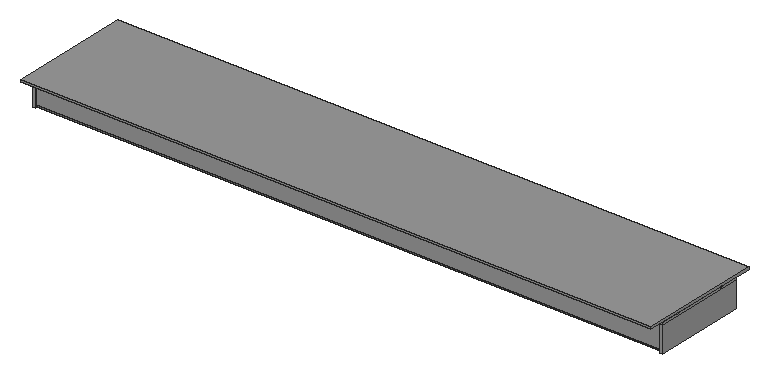
Revit family "Berica 2.2 M", category Lighting Fixtures, Revit 2020 (continued)
Definition of nested family "Light Source Berica 2.2"
  Types (4, lengths in mm): name | Photometric Web File | built-in parameter 1150142
      27.17 326.46 326.58 326.46 327.17 328.13 329.44 \r\n330.51 331.51 332.84 332.92 333.62 334.32 335.11 335.68 \r\n336.25 337.39 337.92 338.76 339.18 339.87 340.51 341.18 \r\n341.73 343.00 343.40 344.29 346.71 351.29 355.44 359.79 \r\n364.16 368.37 372.92 376.47 380.44 383.32 386.22 388.79 \r\n391.47 393.90 395.85 397.59 398.62 399.17 399.99 400.73 \r\n401.67 402.60 403.60 404.94 406.54 408.55 410.64 413.40 \r\n416.25 419.82 423.38 427.73 432.72 437.85 443.84 449.92 \r\n453.49 461.03 469.78 478.76 488.27 499.11 511.01 522.87 \r\n535.22 549.75 564.80 582.18 598.81 618.65 636.43 659.33 \r\n680.39 706.03 729.91 755.60 783.76 812.83 842.76 872.53 \r\n906.68 938.09 976.85 1014.47 1055.06 1098.39 \r\n1098.39 1043.77 1005.84 964.80 927.41 891.65 857.21 \r\n825.51 793.78 764.46 736.91 710.90 685.12 662.76 637.40 \r\n618.50 599.50 580.10 563.49 547.84 533.07 519.98 507.86 \r\n496.26 485.91 475.80 466.72 458.82 451.16 444.26 441.76 \r\n436.33 431.76 426.94 423.60 420.29 417.21 414.64 412.55 \r\n411.04 409.91 408.89 408.22 407.80 407.39 407.09 406.83 \r\n407.39 407.36 406.35 404.73 403.03 400.30 398.09 395.67 \r\n393.43 390.55 387.28 383.55 380.20 376.18 372.12 368.37 \r\n364.00 361.51 360.33 360.65 359.91 360.18 359.69 360.03 \r\n360.13 359.67 359.67 359.52 359.46 359.28 358.92 358.34 \r\n358.53 357.21 357.58 356.91 356.58 356.39 355.60 354.93 \r\n353.65 353.07 352.12 352.81 352.12 353.07 353.65 354.93 \r\n355.60 356.39 356.58 356.91 357.58 357.21 358.53 358.34 \r\n358.92 359.28 359.46 359.52 359.67 359.67 360.13 360.03 \r\n359.69 360.18 359.91 360.65 360.33 361.51 364.00 368.37 \r\n372.12 376.18 380.20 383.55 387.28 390.55 393.43 395.67 \r\n398.09 400.30 403.03 404.73 406.35 407.36 407.39 406.83 \r\n407.09 407.39 407.80 408.22 408.89 409.91 411.04 412.55 \r\n414.64 417.21 420.29 423.60 426.94 431.76 436.33 441.76 \r\n444.26 451.16 458.82 466.72 475.80 485.91 496.26 507.86 \r\n519.98 533.07 547.84 563.49 580.10 599.50 618.50 637.40 \r\n662.76 685.12 710.90 736.91 764.46 793.78 825.51 857.21 \r\n891.65 927.41 964.80 1005.84 1043.77 1098.39 \r\n1098.39 1046.99 1002.74 959.15 922.64 885.39 850.82 \r\n818.85 783.91 755.19 725.73 699.93 673.09 649.57 627.60 \r\n606.62 586.88 569.81 552.94 537.50 523.16 511.34 499.37 \r\n488.36 478.60 469.48 461.43 453.14 447.00 440.59 439.19 \r\n434.31 430.46 426.93 423.83 421.25 419.29 417.64 416.52 \r\n415.74 415.35 415.21 415.19 415.25 415.30 416.39 418.08 \r\n417.83 417.05 415.49 413.66 411.25 409.20 407.55 405.78 \r\n403.10 400.40 396.98 393.52 389.69 386.26 383.02 378.99 \r\n377.52 377.61 378.33 378.89 378.98 379.82 380.15 380.27 \r\n381.17 381.70 381.40 381.81 381.60 382.12 381.50 381.75 \r\n381.38 380.99 381.02 381.06 380.85 381.03 380.15 379.48 \r\n378.55 378.14 377.66 377.58 377.66 378.14 378.55 379.48 \r\n380.15 381.03 380.85 381.06 381.02 380.99 381.38 381.75 \r\n381.50 382.12 381.60 381.81 381.40 381.70 381.17 380.27 \r\n380.15 379.82 378.98 378.89 378.33 377.61 377.52 378.99 \r\n383.02 386.26 389.69 393.52 396.98 400.40 403.10 405.78 \r\n407.55 409.20 411.25 413.66 415.49 417.05 417.83 418.08 \r\n416.39 415.30 415.25 415.19 415.21 415.35 415.74 416.52 \r\n417.64 419.29 421.25 423.83 426.93 430.46 434.31 439.19 \r\n440.59 447.00 453.14 461.43 469.48 478.60 488.36 499.37 \r\n511.34 523.16 537.50 552.94 569.81 586.88 606.62 627.60 \r\n649.57 673.09 699.93 725.73 755.19 783.91 818.85 850.82 \r\n885.39 922.64 959.15 1002.74 1046.99 1098.39 \r\n1098.39 1046.49 999.51 955.38 915.64 878.31 841.49 808.11 \r\n774.08 744.68 713.52 686.89 661.88 637.95 615.31 595.07 \r\n576.22 559.25 543.52 528.43 515.38 502.90 491.96 481.46 \r\n472.12 463.61 455.80 449.03 443.36 437.83 436.52 432.42 \r\n429.10 426.27 424.04 422.25 420.99 420.20 419.77 419.80 \r\n420.00 420.38 420.83 421.19 423.96 425.70 425.60 425.03 \r\n424.05 422.04 420.39 419.09 418.25 416.40 413.95 411.15 \r\n408.07 405.05 401.94 398.95 395.55 392.69 391.37 392.87 \r\n393.85 394.54 395.42 396.06 397.40 397.83 399.40 399.48 \r\n400.08 400.26 400.94 401.27 401.47 401.78 401.85 401.70 \r\n401.81 401.77 401.61 402.00 401.20 400.85 400.29 399.22 \r\n398.68 398.63 398.18 398.63 398.68 399.22 400.29 400.85 \r\n401.20 402.00 401.61 401.77 401.81 401.70 401.85 401.78 \r\n401.47 401.27 400.94 400.26 400.08 399.48 399.40 397.83 \r\n397.40 396.06 395.42 394.54 393.85 392.87 391.37 392.69 \r\n395.55 398.95 401.94 405.05 408.07 411.15 413.95 416.40 \r\n418.25 419.09 420.39 422.04 424.05 425.03 425.60 425.70 \r\n423.96 421.19 420.83 420.38 420.00 419.80 419.77 420.20 \r\n420.99 422.25 424.04 426.27 429.10 432.42 436.52 437.83 \r\n443.36 449.03 455.80 463.61 472.12 481.46 491.96 502.90 \r\n515.38 528.43 543.52 559.25 576.22 595.07 615.31 637.95 \r\n661.88 686.89 713.52 744.68 774.08 808.11 841.49 878.31 \r\n915.64 955.38 999.51 1046.49 1098.39 \r\n1098.39 1047.03 996.55 952.68 913.26 872.24 835.83 801.41 \r\n768.49 736.26 708.16 679.10 653.86 629.35 607.75 586.97 \r\n567.38 550.97 535.03 521.90 508.12 496.60 486.43 476.48 \r\n467.55 459.73 452.63 446.39 440.97 436.05 435.00 431.58 \r\n428.71 426.58 424.82 423.65 423.11 423.14 423.40 423.85 \r\n424.50 425.20 425.77 429.23 431.64 432.13 431.85 431.41 \r\n429.87 428.55 427.62 427.24 425.88 423.55 421.06 418.63 \r\n415.67 412.99 410.17 407.58 404.44 403.77 405.23 406.50 \r\n407.94 409.16 410.48 411.90 413.29 414.09 414.46 415.55 \r\n416.21 416.85 417.69 418.10 418.23 418.56 419.30 418.71 \r\n418.99 419.31 419.30 419.13 418.65 417.96 417.10 416.16 \r\n415.74 415.31 415.28 415.31 415.74 416.16 417.10 417.96 \r\n418.65 419.13 419.30 419.31 418.99 418.71 419.30 418.56 \r\n418.23 418.10 417.69 416.85 416.21 415.55 414.46 414.09 \r\n413.29 411.90 410.48 409.16 407.94 406.50 405.23 403.77 \r\n404.44 407.58 410.17 412.99 415.67 418.63 421.06 423.55 \r\n425.88 427.24 427.62 428.55 429.87 431.41 431.85 432.13 \r\n431.64 429.23 425.77 425.20 424.50 423.85 423.40 423.14 \r\n423.11 423.65 424.82 426.58 428.71 431.58 435.00 436.05 \r\n440.97 446.39 452.63 459.73 467.55 476.48 486.43 496.60 \r\n508.12 521.90 535.03 550.97 567.38 586.97 607.75 629.35 \r\n653.86 679.10 708.16 736.26 768.49 801.41 835.83 872.24 \r\n913.26 952.68 996.55 1047.03 1098.39 \r\n1098.39 1045.49 994.05 949.51 906.03 868.40 830.18 794.50 \r\n760.94 729.29 700.11 672.03 647.14 623.76 600.21 580.17 \r\n561.96 544.87 529.36 515.69 503.79 491.74 481.90 472.24 \r\n463.96 456.29 450.08 444.66 439.35 435.08 433.37 430.63 \r\n428.44 426.82 425.76 425.29 425.20 425.58 426.27 426.93 \r\n427.85 428.60 432.05 434.72 435.99 436.64 436.97 436.04 \r\n435.30 434.77 434.56 433.48 431.67 429.46 427.05 424.69 \r\n422.21 419.86 417.31 414.63 413.19 414.56 416.30 418.20 \r\n420.03 420.97 423.30 424.25 425.74 426.97 427.81 429.08 \r\n429.88 431.07 431.13 432.23 432.81 432.69 432.80 433.13 \r\n433.10 433.27 433.19 433.22 432.51 431.63 430.45 429.95 \r\n428.83 429.28 429.22 429.28 428.83 429.95 430.45 431.63 \r\n432.51 433.22 433.19 433.27 433.10 433.13 432.80 432.69 \r\n432.81 432.23 431.13 431.07 429.88 429.08 427.81 426.97 \r\n425.74 424.25 423.30 420.97 420.03 418.20 416.30 414.56 \r\n413.19 414.63 417.31 419.86 422.21 424.69 427.05 429.46 \r\n431.67 433.48 434.56 434.77 435.30 436.04 436.97 436.64 \r\n435.99 434.72 432.05 428.60 427.85 426.93 426.27 425.58 \r\n425.20 425.29 425.76 426.82 428.44 430.63 433.37 435.08 \r\n439.35 444.66 450.08 456.29 463.96 472.24 481.90 491.74 \r\n503.79 515.69 529.36 544.87 561.96 580.17 600.21 623.76 \r\n647.14 672.03 700.11 729.29 760.94 794.50 830.18 868.40 \r\n906.03 949.51 994.05 1045.49 1098.39 \r\n1098.39 1039.27 991.10 947.10 902.90 864.03 825.16 788.42 \r\n755.16 722.60 693.23 666.38 640.01 617.07 595.11 573.24 \r\n555.91 538.32 524.76 510.72 498.06 487.56 477.23 468.47 \r\n459.98 453.30 446.89 441.80 436.85 433.00 430.41 427.95 \r\n426.05 424.84 424.16 424.04 424.43 425.14 426.09 427.06 \r\n428.00 429.21 433.52 435.40 436.87 438.81 438.93 438.44 \r\n438.26 437.97 437.65 436.58 434.84 432.83 430.52 428.33 \r\n425.86 423.77 421.25 419.03 419.37 421.87 423.48 425.36 \r\n426.81 428.88 430.77 432.02 433.32 434.76 436.25 437.20 \r\n438.34 438.71 440.08 440.26 441.55 441.21 441.83 442.09 \r\n441.63 441.91 441.50 441.58 440.56 440.17 438.96 438.24 \r\n437.14 436.55 436.83 436.55 437.14 438.24 438.96 440.17 \r\n440.56 441.58 441.50 441.91 441.63 442.09 441.83 441.21 \r\n441.55 440.26 440.08 438.71 438.34 437.20 436.25 434.76 \r\n433.32 432.02 430.77 428.88 426.81 425.36 423.48 421.87 \r\n419.37 419.03 421.25 423.77 425.86 428.33 430.52 432.83 \r\n434.84 436.58 437.65 437.97 438.26 438.44 438.93 438.81 \r\n436.87 435.40 433.52 429.21 428.00 427.06 426.09 425.14 \r\n424.43 424.04 424.16 424.84 426.05 427.95 430.41 433.00 \r\n436.85 441.80 446.89 453.30 459.98 468.47 477.23 487.56 \r\n498.06 510.72 524.76 538.32 555.91 573.24 595.11 617.07 \r\n640.01 666.38 693.23 722.60 755.16 788.42 825.16 864.03 \r\n902.90 947.10 991.10 1039.27 1098.39 \r\n1098.39 1038.52 991.07 945.30 901.19 862.87 821.50 786.90 \r\n752.26 720.88 690.45 663.49 638.26 615.44 593.04 572.50 \r\n555.15 537.70 523.14 509.27 497.62 486.20 476.34 467.20 \r\n459.50 452.81 446.91 441.17 437.11 433.32 430.36 428.03 \r\n426.24 425.24 424.74 424.77 425.27 426.00 427.03 427.92 \r\n428.91 431.20 433.88 435.78 438.09 440.45 440.86 440.84 \r\n440.74 440.82 440.43 439.13 437.50 435.36 433.43 431.10 \r\n429.07 426.77 424.52 423.12 424.63 426.22 428.73 431.18 \r\n432.58 434.49 436.36 437.74 439.54 440.88 442.01 443.36 \r\n444.25 445.55 446.45 446.93 447.03 447.89 448.26 448.55 \r\n448.64 448.54 448.54 447.54 446.92 446.17 444.72 443.61 \r\n442.84 442.14 442.86 442.14 442.84 443.61 444.72 446.17 \r\n446.92 447.54 448.54 448.54 448.64 448.55 448.26 447.89 \r\n447.03 446.93 446.45 445.55 444.25 443.36 442.01 440.88 \r\n439.54 437.74 436.36 434.49 432.58 431.18 428.73 426.22 \r\n424.63 423.12 424.52 426.77 429.07 431.10 433.43 435.36 \r\n437.50 439.13 440.43 440.82 440.74 440.84 440.86 440.45 \r\n438.09 435.78 433.88 431.20 428.91 427.92 427.03 426.00 \r\n425.27 424.77 424.74 425.24 426.24 428.03 430.36 433.32 \r\n437.11 441.17 446.91 452.81 459.50 467.20 476.34 486.20 \r\n497.62 509.27 523.14 537.70 555.15 572.50 593.04 615.44 \r\n638.26 663.49 690.45 720.88 752.26 786.90 821.50 862.87 \r\n901.19 945.30 991.07 1038.52 1098.39 \r\n1098.39 1044.83 995.00 949.50 902.37 864.73 825.62 788.69 \r\n753.99 724.12 693.53 667.67 644.31 618.83 598.66 578.03 \r\n560.97 544.56 529.43 515.84 504.47 492.90 482.70 474.74 \r\n467.14 460.42 455.27 449.36 445.49 441.87 439.31 437.03 \r\n435.66 434.85 434.57 434.81 435.42 436.42 437.49 438.66 \r\n439.50 440.30 443.67 446.39 447.79 451.15 451.83 450.92 \r\n450.51 450.18 450.62 449.37 447.96 445.54 443.60 441.41 \r\n439.12 436.85 434.84 431.89 433.44 435.25 437.32 439.89 \r\n441.83 443.25 445.67 447.01 448.63 450.31 451.64 453.22 \r\n454.32 454.87 455.88 456.97 457.51 457.96 458.77 457.82 \r\n457.78 458.03 457.69 457.67 455.92 455.39 454.46 453.14 \r\n451.60 451.45 450.67 451.45 451.60 453.14 454.46 455.39 \r\n455.92 457.67 457.69 458.03 457.78 457.82 458.77 457.96 \r\n457.51 456.97 455.88 454.87 454.32 453.22 451.64 450.31 \r\n448.63 447.01 445.67 443.25 441.83 439.89 437.32 435.25 \r\n433.44 431.89 434.84 436.85 439.12 441.41 443.60 445.54 \r\n447.96 449.37 450.62 450.18 450.51 450.92 451.83 451.15 \r\n447.79 446.39 443.67 440.30 439.50 438.66 437.49 436.42 \r\n435.42 434.81 434.57 434.85 435.66 437.03 439.31 441.87 \r\n445.49 449.36 455.27 460.42 467.14 474.74 482.70 492.90 \r\n504.47 515.84 529.43 544.56 560.97 578.03 598.66 618.83 \r\n644.31 667.67 693.53 724.12 753.99 788.69 825.62 864.73 \r\n902.37 949.50 995.00 1044.83 1098.39 \r\n1098.39 1038.52 991.07 945.30 901.19 862.87 821.50 786.90 \r\n752.26 720.88 690.45 663.49 638.26 615.44 593.04 572.50 \r\n555.15 537.70 523.14 509.27 497.62 486.20 476.34 467.20 \r\n459.50 452.81 446.91 441.17 437.11 433.32 430.36 428.03 \r\n426.24 425.24 424.74 424.77 425.27 426.00 427.03 427.92 \r\n428.91 431.20 433.88 435.78 438.09 440.45 440.86 440.84 \r\n440.74 440.82 440.43 439.13 437.50 435.36 433.43 431.10 \r\n429.07 426.77 424.52 423.12 424.63 426.22 428.73 431.18 \r\n432.58 434.49 436.36 437.74 439.54 440.88 442.01 443.36 \r\n444.25 445.55 446.45 446.93 447.03 447.89 448.26 448.55 \r\n448.64 448.54 448.54 447.54 446.92 446.17 444.72 443.61 \r\n442.84 442.14 442.86 442.14 442.84 443.61 444.72 446.17 \r\n446.92 447.54 448.54 448.54 448.64 448.55 448.26 447.89 \r\n447.03 446.93 446.45 445.55 444.25 443.36 442.01 440.88 \r\n439.54 437.74 436.36 434.49 432.58 431.18 428.73 426.22 \r\n424.63 423.12 424.52 426.77 429.07 431.10 433.43 435.36 \r\n437.50 439.13 440.43 440.82 440.74 440.84 440.86 440.45 \r\n438.09 435.78 433.88 431.20 428.91 427.92 427.03 426.00 \r\n425.27 424.77 424.74 425.24 426.24 428.03 430.36 433.32 \r\n437.11 441.17 446.91 452.81 459.50 467.20 476.34 486.20 \r\n497.62 509.27 523.14 537.70 555.15 572.50 593.04 615.44 \r\n638.26 663.49 690.45 720.88 752.26 786.90 821.50 862.87 \r\n901.19 945.30 991.07 1038.52 1098.39 \r\n1098.39 1039.27 991.10 947.10 902.90 864.03 825.16 788.42 \r\n755.16 722.60 693.23 666.38 640.01 617.07 595.11 573.24 \r\n555.91 538.32 524.76 510.72 498.06 487.56 477.23 468.47 \r\n459.98 453.30 446.89 441.80 436.85 433.00 430.41 427.95 \r\n426.05 424.84 424.16 424.04 424.43 425.14 426.09 427.06 \r\n428.00 429.21 433.52 435.40 436.87 438.81 438.93 438.44 \r\n438.26 437.97 437.65 436.58 434.84 432.83 430.52 428.33 \r\n425.86 423.77 421.25 419.03 419.37 421.87 423.48 425.36 \r\n426.81 428.88 430.77 432.02 433.32 434.76 436.25 437.20 \r\n438.34 438.71 440.08 440.26 441.55 441.21 441.83 442.09 \r\n441.63 441.91 441.50 441.58 440.56 440.17 438.96 438.24 \r\n437.14 436.55 436.83 436.55 437.14 438.24 438.96 440.17 \r\n440.56 441.58 441.50 441.91 441.63 442.09 441.83 441.21 \r\n441.55 440.26 440.08 438.71 438.34 437.20 436.25 434.76 \r\n433.32 432.02 430.77 428.88 426.81 425.36 423.48 421.87 \r\n419.37 419.03 421.25 423.77 425.86 428.33 430.52 432.83 \r\n434.84 436.58 437.65 437.97 438.26 438.44 438.93 438.81 \r\n436.87 435.40 433.52 429.21 428.00 427.06 426.09 425.14 \r\n424.43 424.04 424.16 424.84 426.05 427.95 430.41 433.00 \r\n436.85 441.80 446.89 453.30 459.98 468.47 477.23 487.56 \r\n498.06 510.72 524.76 538.32 555.91 573.24 595.11 617.07 \r\n640.01 666.38 693.23 722.60 755.16 788.42 825.16 864.03 \r\n902.90 947.10 991.10 1039.27 1098.39 \r\n1098.39 1045.49 994.05 949.51 906.03 868.40 830.18 794.50 \r\n760.94 729.29 700.11 672.03 647.14 623.76 600.21 580.17 \r\n561.96 544.87 529.36 515.69 503.79 491.74 481.90 472.24 \r\n463.96 456.29 450.08 444.66 439.35 435.08 433.37 430.63 \r\n428.44 426.82 425.76 425.29 425.20 425.58 426.27 426.93 \r\n427.85 428.60 432.05 434.72 435.99 436.64 436.97 436.04 \r\n435.30 434.77 434.56 433.48 431.67 429.46 427.05 424.69 \r\n422.21 419.86 417.31 414.63 413.19 414.56 416.30 418.20 \r\n420.03 420.97 423.30 424.25 425.74 426.97 427.81 429.08 \r\n429.88 431.07 431.13 432.23 432.81 432.69 432.80 433.13 \r\n433.10 433.27 433.19 433.22 432.51 431.63 430.45 429.95 \r\n428.83 429.28 429.22 429.28 428.83 429.95 430.45 431.63 \r\n432.51 433.22 433.19 433.27 433.10 433.13 432.80 432.69 \r\n432.81 432.23 431.13 431.07 429.88 429.08 427.81 426.97 \r\n425.74 424.25 423.30 420.97 420.03 418.20 416.30 414.56 \r\n413.19 414.63 417.31 419.86 422.21 424.69 427.05 429.46 \r\n431.67 433.48 434.56 434.77 435.30 436.04 436.97 436.64 \r\n435.99 434.72 432.05 428.60 427.85 426.93 426.27 425.58 \r\n425.20 425.29 425.76 426.82 428.44 430.63 433.37 435.08 \r\n439.35 444.66 450.08 456.29 463.96 472.24 481.90 491.74 \r\n503.79 515.69 529.36 544.87 561.96 580.17 600.21 623.76 \r\n647.14 672.03 700.11 729.29 760.94 794.50 830.18 868.40 \r\n906.03 949.51 994.05 1045.49 1098.39 \r\n1098.39 1047.03 996.55 952.68 913.26 872.24 835.83 801.41 \r\n768.49 736.26 708.16 679.10 653.86 629.35 607.75 586.97 \r\n567.38 550.97 535.03 521.90 508.12 496.60 486.43 476.48 \r\n467.55 459.73 452.63 446.39 440.97 436.05 435.00 431.58 \r\n428.71 426.58 424.82 423.65 423.11 423.14 423.40 423.85 \r\n424.50 425.20 425.77 429.23 431.64 432.13 431.85 431.41 \r\n429.87 428.55 427.62 427.24 425.88 423.55 421.06 418.63 \r\n415.67 412.99 410.17 407.58 404.44 403.77 405.23 406.50 \r\n407.94 409.16 410.48 411.90 413.29 414.09 414.46 415.55 \r\n416.21 416.85 417.69 418.10 418.23 418.56 419.30 418.71 \r\n418.99 419.31 419.30 419.13 418.65 417.96 417.10 416.16 \r\n415.74 415.31 415.28 415.31 415.74 416.16 417.10 417.96 \r\n418.65 419.13 419.30 419.31 418.99 418.71 419.30 418.56 \r\n418.23 418.10 417.69 416.85 416.21 415.55 414.46 414.09 \r\n413.29 411.90 410.
